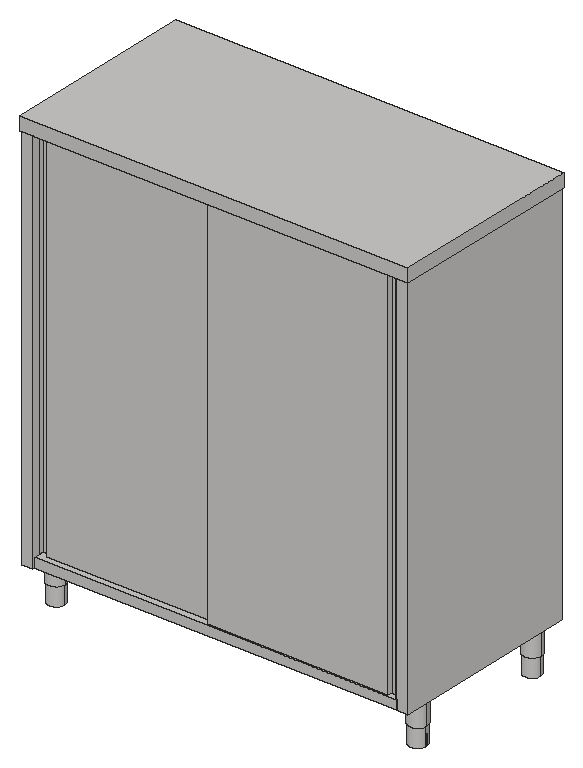
Revit family "QF_ELECTROLUXPROFESSIONAL_132887_SAS14N", category Attrezzature speciali, Revit 2020
Family settings
  Quota connettore circolare = Usa diametro
  Tipo di parte = Normale
  Basato su piano di lavoro = No
  Sempre verticale = Sì
  Taglio con vuoti quando caricato = No
  Condiviso = No
  Punto di calcolo locali = No
Parameters (values of type "Standard")
  Weight = 120.00 kg
  Watts = 0 W
  Volts = 0 V
  URL Manufacturer = "https://www.electroluxprofessional.com/"
  URL = "https://www.electroluxprofessional.com/"
  Steam Supply Size = 0 mm
  Steam Supply Minimum Pressure = 0.0 Pa
  Steam Supply Maximum Pressure = 0.0 Pa
  Steam Consumption per Hour = 0
  Refrigeration Suction Line Size = 0.0 mm
  Refrigeration Liquid Line Size = 0.0 mm
  Refrigerant Compressor Remote = yes
  Prospetto di default = 0.0 mm
  Phase = 0
  Modello = "SAS14N"
  Produttore = "Electrolux Professional"
  Length Actual = 1400.0 mm  # constant formula
  Item Number = "132887"
  Hot Water Size = 0 mm
  Height Actual = 1600.0 mm  # constant formula
  HP = "0 HP"
  Gas Size = 0 mm
  Gas KW = 0
  Gas Input Pressure = 0 W
  Direct Waste Size = 0 mm
  Descrizione = "STORAGE CAB(H=1600)+SLIDING DOORS 1400MM"
  Depth Actual = 700.0 mm  # constant formula
  Cycle = 0 Hz
  Condensate Return Size = 0 mm
  Compressed Air Volume = 0.0 L/s
  Compressed Air Size = 0 mm
  Compressed Air Pressure = 0.0 Pa
  Cold Water Size = 0 mm
  Accessory = yes
Reference planes
  plane 1 "Center (Front/Back)": y = 0
  plane 2: z = 0
  plane 3 "Center (Left/Right)": x = -300
  plane 4 "LEFT": x = -1000
  plane 5 "RIGHT": x = 400
  plane 6 "BACK": y = 350
  plane 7 "FRONT": y = -350
  plane 8 "TOP": z = 1600
  plane 9: x = -952
  plane 10: x = 352
  plane 11: y = 270
  plane 12: y = -247
  plane 13 "FEET": z = 150
  plane 14: x = -954.5
  plane 15: y = -344.5
  plane 16: x = 354.5
  plane 17: x = -326.5
  plane 18: x = -273.5
  plane 19 "BaseTop": z = 1550
  plane 20: x = -994.5
  plane 21: x = 394.5
  plane 22: y = 344.5
Forms (mm)
  Extrusion 1, solid, material "QF_Finishes_Stainless Steel"
    sketch origin (0, 0, 150) x (-1, 0, 0) y (0, -1, 0)
      loop
        line (994.5, -350) -> (994.5, 350) -> (954.5, 350) -> (954.5, -350) -> (994.5, -350)
      loop
        line (-354.5, -350) -> (-354.5, 344.5) -> (-394.5, 344.5) -> (-394.5, -350) -> (-354.5, -350)
    from 0 to 1400
  Extrusion 2, solid, material "QF_Finishes_Stainless Steel"
    sketch origin (0, 0, 150) x (-1, 0, 0) y (0, -1, 0)
      loop
        line (954.5, -347) -> (954.5, 344.5) -> (-354.5, 344.5) -> (-354.5, -347) -> (954.5, -347)
    from 0 to 35
  Extrusion 3, solid, material "QF_Finishes_Stainless Steel"
    sketch origin (0, 0, 150) x (-1, 0, 0) y (0, -1, 0)
      loop
        line (-354.5, -350) -> (954.5, -350) -> (954.5, -327) -> (-354.5, -327) -> (-354.5, -350)
    from 1400 to 35
  Extrusion 4, solid, material "QF_Finishes_Stainless Steel"
    sketch origin (0, 0, 1550) x (-1, 0, 0) y (0, -1, 0)
      loop
        line (1000, 350) -> (-400, 350) -> (-400, -350) -> (1000, -350) -> (1000, 350)
    from 0 to 50
  Extrusion 5, solid, material "QF_Finishes_Stainless Steel"
    sketch origin (33, 0, 150) x (-1, 0, 0) y (0, -1, 0)
      loop
        line (306.5, 324.5) -> (306.5, 304.5) -> (985, 304.5) -> (985, 324.5) -> (983, 324.5) -> (983, 309.5) -> (956.034, 309.5) -> (956.034, 324.5) -> (306.5, 324.5)
    from 1400 to 40
  Extrusion 6, solid, material "QF_Finishes_Stainless Steel"
    sketch origin (-633, 0, 150) x (1, 0, 0) y (0, 1, 0)
      loop
        line (306.5, -344.5) -> (956.034, -344.5) -> (956.034, -329.5) -> (983, -329.5) -> (983, -344.5) -> (985, -344.5) -> (985, -324.5) -> (306.5, -324.5) -> (306.5, -344.5)
    from 1400 to 40
Lines and regions (mm)
  symbolic lines, style "SpecialityEquipment"
    curve 1: line (-1000, 350, 1550) -> (400, 350, 1550)
    curve 2: line (-1000, -350, 1550) -> (-1000, 350, 1550)
    curve 3: line (400, -350, 1550) -> (-1000, -350, 1550)
    curve 4: line (400, 350, 1550) -> (400, -350, 1550)
  symbolic lines, style "SpecialityEquipmentHiddenLines"
    curve 5: line (-1000, -350, 1550) -> (400, 350, 1550)
    curve 6: line (-326.5, -324.5, 200) -> (-326.5, -344.5, 200)
    curve 7: line (-952, -304.5, 1550) -> (-273.5, -304.5, 1550)
    curve 8: line (-273.5, -304.5, 1550) -> (-273.5, -324.5, 1550)
    curve 9: line (-273.5, -324.5, 1550) -> (-952, -324.5, 1550)
    curve 10: line (-952, -324.5, 1550) -> (-952, -304.5, 1550)
    curve 11: line (-326.5, -344.5, 1550) -> (352, -344.5, 1550)
    curve 12: line (352, -344.5, 1550) -> (352, -324.5, 1550)
    curve 13: line (352, -324.5, 1550) -> (-273.5, -324.5, 1550)
Dimensions and locks
  plane 4 "LEFT" to plane 5 "RIGHT" = 1400.0 mm
  equal spacing: plane 4 "LEFT", plane 3 "Center (Left/Right)", plane 5 "RIGHT"
  plane 6 "BACK" to plane 7 "FRONT" = 700.0 mm
  equal spacing: plane 6 "BACK", plane 1 "Center (Front/Back)", plane 7 "FRONT"
  locked: plane 13 "FEET" to level at 150
  locked: plane 4 "LEFT" to plane 9 at 48
  locked: plane 10 to plane 5 "RIGHT" at 48
  locked: plane 6 "BACK" to plane 11 at 80
  locked: plane 12 to plane 7 "FRONT" at 103
  locked: plane 8 "TOP" to level at 1600
  locked: plane 17 to plane 18 at 53
  equal spacing: plane 17, plane 3 "Center (Left/Right)", plane 18
  plane 4 "LEFT" to plane 20 = 5.5 mm
  locked: plane 20 to plane 14 at 40
  locked: plane 16 to plane 21 at 40
  locked: plane 21 to plane 5 "RIGHT" at 5.5
  plane 15 to plane 7 "FRONT" = 5.5 mm  (x2)
  plane 6 "BACK" to plane 22 = 5.5 mm
  locked: plane 8 "TOP" to plane 19 "BaseTop" at 50
  aligned and locked: level to plane 2
  aligned and locked: plane 9 to nested 1
  aligned and locked: plane 10 to nested 2
  aligned and locked: nested 4 to plane 11
  aligned and locked: plane 9 to nested 3
  aligned and locked: nested 3 to plane 11
  aligned and locked: plane 6 "BACK" to Extrusion 1 sketch curve
  aligned and locked: Extrusion 1 sketch curve to plane 6 "BACK"
  aligned and locked: Extrusion 1 sketch curve to plane 7 "FRONT"
  aligned and locked: plane 14 to Extrusion 1
  aligned and locked: Extrusion 2 to plane 14
  aligned and locked: Extrusion 2 to plane 15
  aligned and locked: nested 1 to plane 12
  aligned and locked: nested 2 to plane 12
  aligned and locked: Extrusion 2 sketch curve to plane 16
  aligned and locked: nested 4 to nested 2
  aligned and locked: plane 16 to Extrusion 3
  aligned and locked: Extrusion 3 to plane 14
  aligned and locked: plane 19 "BaseTop" to Extrusion 3
  aligned and locked: plane 19 "BaseTop" to Extrusion 5
  aligned and locked: plane 19 "BaseTop" to Extrusion 6
  aligned and locked: plane 19 "BaseTop" to Extrusion 1
Automatic sketch dimensions
  Extrusion 1 sketch curve to plane 15 = 0.0 mm
  Extrusion 1 sketch curve to plane 21 = 0.0 mm
  Extrusion 1 sketch curve to plane 16 = 0.0 mm
  Extrusion 1 sketch curve to plane 14 = 0.0 mm
  Extrusion 1 sketch curve to plane 20 = 0.0 mm
  Extrusion 2 sketch curve to plane 14 = 0.0 mm
  Extrusion 2 sketch curve to plane 15 = 0.0 mm
  plane 22 to Extrusion 2 sketch curve = 2.5 mm
  curve 6 to plane 15 = 0.0 mm
  curve 6 to plane 17 = 0.0 mm
  plane 15 to curve 6 = 20.0 mm
  Extrusion 3 sketch curve to plane 6 "BACK" = 0.0 mm
  Extrusion 3 sketch curve to plane 16 = 0.0 mm
  Extrusion 3 sketch curve to plane 14 = 0.0 mm
  plane 22 to Extrusion 3 sketch curve = 17.5 mm
  Extrusion 4 sketch curve to plane 5 "RIGHT" = 0.0 mm
  Extrusion 4 sketch curve to plane 4 "LEFT" = 0.0 mm
  Extrusion 4 sketch curve to plane 6 "BACK" = 0.0 mm
  Extrusion 4 sketch curve to plane 7 "FRONT" = 0.0 mm
  Extrusion 5 sketch curve to plane 18 = 0.0 mm
  Extrusion 5 sketch curve to plane 9 = 0.0 mm
  plane 9 to Extrusion 5 sketch curve = 28.966 mm
  plane 9 to Extrusion 5 sketch curve = 2.0 mm
  plane 15 to Extrusion 5 sketch curve = 40.0 mm
  Extrusion 5 sketch curve to Extrusion 5 sketch curve = 5.0 mm
  Extrusion 5 sketch curve to Extrusion 5 sketch curve = 15.0 mm  (x2)
  Extrusion 6 sketch curve to plane 17 = 0.0 mm
  Extrusion 6 sketch curve to plane 15 = 0.0 mm  (x2)
  Extrusion 6 sketch curve to plane 10 = 0.0 mm
  plane 10 to Extrusion 6 sketch curve = 28.966 mm
  Extrusion 6 sketch curve to plane 15 = 15.0 mm
  Extrusion 6 sketch curve to Extrusion 6 sketch curve = 20.0 mm
  Extrusion 6 sketch curve to Extrusion 6 sketch curve = 2.0 mm
  curve 1 to plane 5 "RIGHT" = 0.0 mm
  curve 11 to plane 10 = 0.0 mm
  curve 8 to plane 18 = 0.0 mm
  curve 11 to plane 17 = 0.0 mm
  curve 9 to plane 9 = 0.0 mm
  curve 3 to plane 4 "LEFT" = 0.0 mm
  curve 1 to plane 6 "BACK" = 0.0 mm
  curve 12 to plane 15 = 0.0 mm
  curve 4 to plane 7 "FRONT" = 0.0 mm
  plane 15 to curve 8 = 40.0 mm
  curve 13 to curve 11 = 20.0 mm
Nested families
  nested 1: "FEET_D60-150" at (-952, -247, 0), type "FEET_D60-150"
  nested 2: "FEET_D60-150" at (352, -247, 0), type "FEET_D60-150"
  nested 3: "FEET_D60-150" at (-952, 270, 0), type "FEET_D60-150"
  nested 4: "FEET_D60-150" at (352, 270, 0), type "FEET_D60-150"
Definition of nested family "FEET_D60-150"
  Parameters
    Default Elevation = 0.0 mm
    FEET = 150.0 mm
  Reference planes
    plane 1 "Center (Front/Back)": y = 0
    plane 2: z = 0
    plane 3 "Center (Left/Right)": x = 0
    plane 4: z = 150
  Forms (mm)
    Extrusion 1, solid
      sketch origin (0, 0, 0) x (1, 0, 0) y (0, 1, 0)
        loop
          circle (0, 0) r 28
      from 0 to 67
    Revolve 2, solid
      sketch origin (0, 0, 0) x (1, 0, 0) y (0, 0, 1)
        loop
          line (0, 0) -> (0, 150) -> (-32.939, 150) -> (-32.939, 67) -> (-30, 67) -> (-30, 0) -> (0, 0)
        axis (0, 150) -> (0, 0)
      angle from 0 to 360
  Lines and regions (mm)
    symbolic lines
      curve 1: line (0, -1.503, 0) -> (0, 1.508, 0)
      curve 2: line (1.561, 0, 0) -> (-1.439, 0, 0)
  Dimensions and locks
    "FEET": plane 4 to plane 2
    aligned and locked: level to plane 2
  Automatic sketch dimensions
    plane 1 "Center (Front/Back)" to Extrusion 1 sketch curve = 0.0 mm
    Extrusion 1 sketch curve to plane 3 "Center (Left/Right)" = 0.0 mm
    plane 1 "Center (Front/Back)" to curve 2 = 0.0 mm
    curve 1 to plane 3 "Center (Left/Right)" = 0.0 mm
    curve 2 to plane 3 "Center (Left/Right)" = 1.439 mm
    plane 3 "Center (Left/Right)" to curve 2 = 1.561 mm
    plane 1 "Center (Front/Back)" to curve 1 = 1.503 mm
    curve 1 to plane 1 "Center (Front/Back)" = 1.508 mm
    Revolve 2 sketch curve to plane 4 = 0.0 mm
    Revolve 2 sketch curve to level = 0.0 mm
    Revolve 2 sketch curve to plane 3 "Center (Left/Right)" = 0.0 mm  (x2)
    Revolve 2 sketch curve to plane 3 "Center (Left/Right)" = 30.0 mm
    Revolve 2 sketch curve to plane 3 "Center (Left/Right)" = 32.939 mm
    level to Revolve 2 sketch curve = 67.0 mm
    Revolve 2 sketch curve to level = 42.207 mm
    Revolve 2 sketch curve to Revolve 2 sketch curve = 10.0 mm
    radius of Extrusion 1 sketch curve = 28.0 mm
